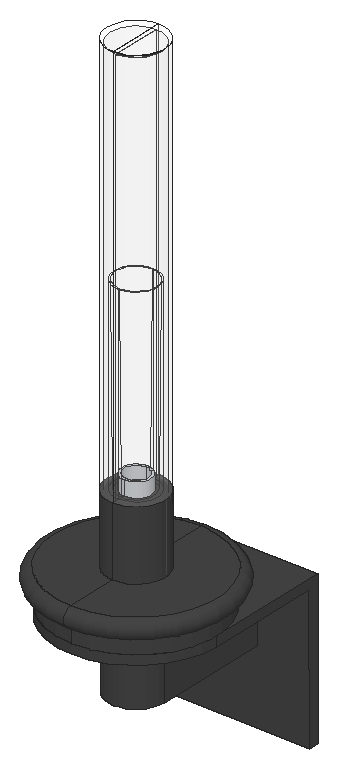
Revit family "Indoor_Wall Lamp_Santa&Cole_Sylvestrina", category Luminarias, Revit 2018
Family settings
  Cota de conector redondo = Diámetro de uso
  Tipo de pieza = Normal
  Número OmniClass = 23.80.70.00
  Título OmniClass = Lighting
  Se basa en plano de trabajo = Sí
  Siempre vertical = Sí
  Corte con vacíos al cargar = No
  Origen de luz = Sí
  Compartido = No
  Punto de cálculo de habitación = No
Parameters (values of type "Sylvestrina")
  Ángulo de inclinación = -90.00°
  Voltaje (90-305 V) = 220 V
  Wattage = 9.2903 W
  URL = "https://www.santacole.com/en/product/wall-lamps/sylvestrina-sylwa01/"
  Technical Information = "https://www.santacole.com/recursos/productos/downloads/pdf_espec_tecnicas/SC_Sylvestrina_wall_data%20sheet.pdf"
  built-in parameter 1150110 = 1 (stored number, unit not read)
  Modelo = "Sylvestrina"
  Manufacturer website = "https://www.santacole.com"
  built-in parameter 1114217 = 1 (stored number, unit not read)
  built-in parameter 1150109 = 1 (stored number, unit not read)
  Fabricante = "Santa & Cole"
  Energy Label = ""
  Default Elevation = 1219.2 mm
  Designed by = "Enric Sòria, Jordi Garcés, 2021"
  Contact phone = "+34.938.619.100"
  Contact e-mail = "info@santacole.com"
  built-in parameter 1150134 = (empty or 0)
  built-in parameter 1150113 = 1 (stored number, unit not read)
  Lumens = 1380 lm
  built-in parameter 1150115 = 1 (stored number, unit not read)
  built-in parameter 1150105 = 109.82 (stored number, unit not read)
  built-in parameter 1150137 = (empty or 0)
  built-in parameter 1150139 = (empty or 0)
  built-in parameter 1150112 = 1 (stored number, unit not read)
  built-in parameter 1150114 = 1 (stored number, unit not read)
  built-in parameter 1150132 = 2
  built-in parameter 1150102 = (empty or 0)
  built-in parameter 1150138 = (empty or 0)
  built-in parameter 1150107 = 2700 (stored number, unit not read)
  built-in parameter 1150106 = 1.0982 (stored number, unit not read)
  built-in parameter 1150104 = 13.8 (stored number, unit not read)
  Code = "SYLWA01"
  Carga aparente = 6 VA
  Dimming Lamp Color Temperature Shift = (empty or 0)
  Color Filter = 16777215
  built-in parameter 1114218 = 1 (stored number, unit not read)
  Assembly instructions - UL = "https://www.santacole.com/recursos/productos/downloads/pdf_montaje/Sylvestrina_aplique_im_UL.pdf"
  Assembly instructions - CE = "https://www.santacole.com/recursos/productos/downloads/pdf_montaje/Sylvestrina_aplique_im_CE.pdf"
  Archivo de red fotométrica = "SYL01 (CL004A21F005G).IES"
  built-in parameter 1150133 = 10 (stored number, unit not read)
Types (2, lengths in mm): name | URL | Technical Information | Modelo | Designed by | Code | Assembly instructions - UL | Assembly instructions - CE
  Sylvestrina | "https://www.santacole.com/en/product/wall-lamps/sylvestrina-sylwa01/" | "https://www.santacole.com/recursos/productos/downloads/pdf_espec_tecnicas/SC_Sylvestrina_wall_data%20sheet.pdf" | "Sylvestrina" | "Enric Sòria, Jordi Garcés, 2021" | "SYLWA01" | "https://www.santacole.com/recursos/productos/downloads/pdf_montaje/Sylvestrina_aplique_im_UL.pdf" | "https://www.santacole.com/recursos/productos/downloads/pdf_montaje/Sylvestrina_aplique_im_CE.pdf"
  TMM Metálico | 0 | "" | 0 | "" | "" | "" | ""
Reference planes
  plane 1 "Eje de origen de luz (F/P)": y = 0
  plane 2: z = 0
  plane 3 "Eje de origen de luz (I/D)": x = 0
  plane 4 "Elevación de origen de luz": z = 193.213
Forms (mm)
  Blend 1, solid, not visible
    base sketch origin (36.867, 153.179, 1765.164) x (-0.551937, 0.833886, 0) y (-0.833886, -0.551937, 0)
      loop
        line (-50.966, 0.411) -> (-50.966, -0.489) -> (-50.043, -0.489) -> (-50.043, 0.411) -> (-50.966, 0.411)
    top sketch origin (36.867, 153.179, 1765.164) x (-0.551937, 0.833886, 0) y (-0.833886, -0.551937, 0)
      loop
        line (-47.638, 0.875) -> (-47.638, 1.775) -> (-48.561, 1.775) -> (-48.561, 0.875) -> (-47.638, 0.875)
    from -112.076 to -105.022
  Blend 2, solid, not visible
    base sketch origin (-50.305, 123.446, 1917.584) x (0.96363, 0.267238, 0) y (-0.267238, 0.96363, 0)
      loop
        line (-50.966, 0.411) -> (-50.966, -0.489) -> (-50.043, -0.489) -> (-50.043, 0.411) -> (-50.966, 0.411)
    top sketch origin (-50.305, 123.446, 1917.584) x (0.96363, 0.267238, 0) y (-0.267238, 0.96363, 0)
      loop
        line (-47.638, 0.875) -> (-47.638, 1.775) -> (-48.561, 1.775) -> (-48.561, 0.875) -> (-47.638, 0.875)
    from -112.484 to -105.022
  Sweep 3, solid, not visible
    path origin (294.44, -207.288, 170.345) x (0, -1, 0) y (0, 0, 1)
      loop
        line (-293, 1511.9) -> (-278.776, 1511.9) -> (-221.503, 1484.838)
    profile origin (294.44, 78.6, 1682.245) x (0, 0, 1) y (-1, 0, 0)
      loop
        circle (-1, 330.796) r 1
  Extrusion 4, solid, material "Santa & Cole - Glossy Black Zamak"
    sketch origin (0, 0, 0) x (-1, 0, 0) y (0, -1, 0)
      loop
        line (-56.25, 0) -> (56.25, 0) -> (56.25, 87.85)
        arc (56.25, 87.85) -> (0, 144.1) -> (-56.25, 87.85) r 56.25
        line (-56.25, 87.85) -> (-56.25, 0)
    from 99.4 to 106
  Extrusion 5, solid, material "Santa & Cole - Glossy Black Zamak"
    sketch origin (0, 0, 0) x (0, -1, 0) y (0, 0, 1)
      loop
        line (7.467, 99.4) -> (0, 99.4) -> (0, 0) -> (6.6, 0) -> (7.467, 99.4)
    from -56.25 to 56.25
  Extrusion 6, solid, material "Santa & Cole - Glossy Black Zamak"
    sketch origin (0, 0, 0) x (-1, 0, 0) y (0, -1, 0)
      loop
        line (-19.688, 87.85) -> (-19.688, 0) -> (19.688, 0) -> (19.688, 87.85)
        arc (19.688, 87.85) -> (0, 107.538) -> (-19.688, 87.85) r 19.688
    from 51.4 to 99.4
  Revolve 7, solid, material "Santa & Cole - Glossy Black Zamak"
    sketch origin (0, 0, 0) x (0, -1, 0) y (0, 0, 1)
      loop
        line (67.75, 178) -> (67.75, 130) -> (30.85, 130)
        arc (30.85, 130) -> (24.357, 123.811) -> (30.229, 117.03) r 6.5
        line (30.229, 117.03) -> (87.85, 117.03) -> (87.85, 178) -> (67.75, 178)
      axis (87.85, 117.03) -> (87.85, 178)
    angle from 0 to 360
  Revolve 8, solid, material "Santa & Cole - Glossy Black Zamak"
    sketch origin (0, 0, 0) x (0, -1, 0) y (0, 0, 1)
      loop
        line (31.617, 106) -> (87.85, 106) -> (87.85, 117.03) -> (31.704, 117.03) -> (31.617, 106)
      axis (87.85, 117.03) -> (87.85, 106)
    angle from 0 to 360
  Revolve 9, solid, material "Santa & Cole - Transparent Pyrex Glass"
    sketch origin (0, 0, 0) x (0, -1, 0) y (0, 0, 1)
      loop
        line (67.85, 460) -> (67.85, 130) -> (70.146, 130) -> (70.146, 457.7) -> (87.85, 457.7) -> (87.85, 460) -> (67.85, 460)
      axis (87.85, 130) -> (87.85, 460)
    angle from 0 to 360
  Revolve 10, solid, material "Santa & Cole - Translucent White Diffuser"
    sketch origin (0, 0, 0) x (0, -1, 0) y (0, 0, 1)
      loop
        line (73.85, 309.5) -> (72.85, 309.5) -> (72.85, 178) -> (75.183, 178) -> (73.85, 309.5)
      axis (87.85, 178) -> (87.85, 309.5)
    angle from 0 to 360
  Revolve 11, solid
    sketch origin (0, 0, 0) x (0, -1, 0) y (0, 0, 1)
      loop
        line (77.85, 178) -> (87.85, 178) -> (87.85, 179.534) -> (79.35, 179.534) -> (79.35, 188) -> (77.85, 188) -> (77.85, 178)
      axis (87.85, 178) -> (87.85, 188)
    angle from 0 to 360
Cuts and joins
  joined: Extrusion 4, Extrusion 5, Extrusion 6
Dimensions and locks
  aligned and locked: plane 3 "Eje de origen de luz (I/D)" to imposter light
  aligned and locked: plane 4 "Elevación de origen de luz" to imposter light
  aligned and locked: level to plane 2
Connectors
  electrical at (0, 0, 49.7), driven by "Voltaje (90-305 V)", driven by "Carga aparente"
    settings: on Extrusion 5, index 1, voltage 220 V, apparent load 0 VA, apparent load phase1 6 VA, apparent load phase2 0 VA, apparent load phase3 0 VA, power factor 1, load classification "Iluminación", number of poles 1, system type 31, power factor state 1, is connector primary yes, connector utility no, sub classification motor no, connector description ""
